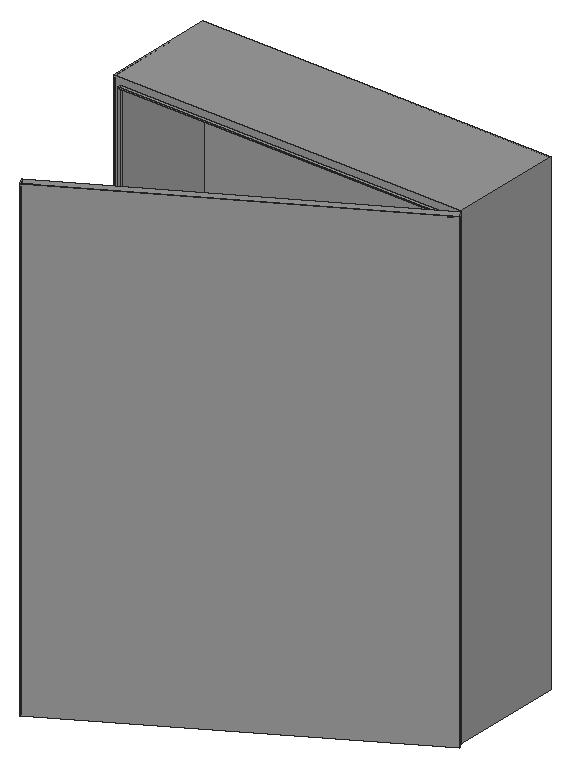
Revit family "Hager-Univers-IP55-D275-H1100-Cl.II-Steel_encl-NoHosted-ES-es", category Electrical Equipment, Revit 2020
Family settings
  Panel Configuration = Two Columns, Circuits Across
  Round Connector Dimension = Use Diameter
  Part Type = Panelboard
  Work Plane-Based = Yes
  Always vertical = Yes
  Cut with Voids When Loaded = No
  Shared = No
  Room Calculation Point = No
Parameters (values of type "Montado superficial (escayola) IP55 A800 A1100 P275  - FR73S")
  Width Control [instance] = if([EF000008 - Anchura] > Min Width, [EF000008 - Anchura], Min Width)  # 800 mm
  Type Comments = [HG000003 - Gama]  # "Univers"
  Thickness Door [instance] = if([EF009171 - Espesor puerta/tapa] > 3 mm, 3 mm, [EF009171 - Espesor puerta/tapa])  # 1.5 mm
  Seal Frame Offset [instance] = 17 mm  # constant formula
  Plinth Visibility [instance] = [HG000027 - Altura de zócalo] > 0 mm  # no
  Min Width [instance] = 100 mm  # constant formula
  Min Depth [instance] = (2 * [EF009170 - Espesor del material de la caja]) + 1 mm  # 4 mm
  Min Height [instance] = 100 mm  # constant formula
  Internal Frame Depth [instance] = (Door System Depth * 0.5)  # 9 mm
  Panel Name [instance] = ""  # (empty or 0)
  Model = ""
  HG000027 - Altura de zócalo = 0 mm
  HG000026 - Instalación en suelo = no
  HG000024 - Altura de la sección inferior = 600 mm
  HG000023 - Caja de doble sección = no
  HG000016 - Visibilidad de la puerta 3D [instance] = yes
  HG000015 - Visibilidad a través de la puerta [instance] = no
  HG000014 - Puerta a la derecha [instance] = yes
  HG000013 - Puerta a la izquierda [instance] = not([HG000014 - Puerta a la derecha])  # no
  HG000012 - Ángulo de giro de la puerta [instance] = 30.00°
  HG000010 - Puertas asimétricas = no
  HG000009 - Puerta batiente doble = no
  HG000006 - Empotrado = no
  HG000004 - Referencia del fabricante = "FR73S"
  HG000003 - Gama = "Univers"
  HG000002 - Con puerta o tapa = yes
  Frame Offset Bottom [instance] = 10 mm  # constant formula
  Frame Offset [instance] = 15 mm  # constant formula
  EF015940 - Tapa con alivio de sobrepresión = no
  EF011959 - Grado de protección (NEMA) = ""
  EF009554 - Número de aberturas para placas-brida = 6
  EF009212 - Versión de la cubierta = "EV000116 - Cerrado"
  EF009171 - Espesor puerta/tapa = 1.5 mm
  EF009170 - Espesor del material de la caja = 1.5 mm
  EF008873 - Corriente nominal (In) = 800 A
  EF007800 - Adecuado para la protección contra rayos = no
  EF006306 - Con cierre = no
  EF006244 - Tapa/puerta transparente = no
  EF005474 - Grado de protección (IP) = "EV006420 - IP55"
  EF004464 - Tipo de puerta = "EV002646 - Único"
  EF004427 - Número de módulos = 252
  EF004293 - Resistencia al impacto (IK) = "EV008784 - IK10"
  EF003532 - Adecuado para uso en exteriores = no
  EF002950 - Anchura de unidades de división = 24
  EF001613 - Integridad del circuito = "EV000494 - Ninguno"
  EF001596 - Material de la carcasa = "EV000179 - Acero"
  EF001131 - Profundidad interna = 275 mm
  EF001088 - Posibilidad de extensión = yes
  EF000437 - Número de entradas de conductos de cables = 6
  EF000339 - Tipo de cubierta = "EV004216 - Puerta"
  EF000266 - Número de filas = 7
  EF000218 - Profundidad de instalación = 0 mm
  EF000118 - Con placa de montaje = no
  EF000116 - Número RAL = "7035"
  EF000049 - Profundidad = 275 mm
  EF000040 - Altura = 1100 mm
  EF000008 - Anchura = 800 mm
  EF000007 - Color = "EV000270 - Gris"
  EF000003 - Tipo de montaje = "EV000384 - Montado superficial (escayola)"
  Door System Leaf Tolerance [instance] = 1.5 mm  # constant formula
  Door System Depth [instance] = 18 mm  # constant formula
  Door Height [instance] = Height Control - [HG000027 - Altura de zócalo]  # 1100 mm
  Description = ""
  Default Elevation = 1219.2 mm
  Connector Offset [instance] = Height Control / 2  # 550 mm
  Manufacturer = "Hager"  # constant formula
  Height Control [instance] = if([EF000040 - Altura] > Min Height, [EF000040 - Altura], Min Height)  # 1100 mm
  Depth Control [instance] = if([EF000049 - Profundidad] > Min Depth, [EF000049 - Profundidad], Min Depth)  # 275 mm
  Bottom Top Plate Trim [instance] = 1.5 mm  # constant formula
  Plinth height Ctrl [instance] = if([HG000027 - Altura de zócalo] > 0 mm, [HG000027 - Altura de zócalo], 12 mm)  # 12 mm
Types (5, lengths in mm): name | Width Control | HG000010 - Puertas asimétricas | HG000009 - Puerta batiente doble | HG000004 - Referencia del fabricante | EF009554 - Número de aberturas para placas-brida | EF004464 - Tipo de puerta | EF004427 - Número de módulos | EF000437 - Número de entradas de conductos de cables | EF000008 - Anchura
  Montado superficial (escayola) IP55 A1050 A1100 P275  - FR74S | 1050 | no | yes | "FR74S" | 8 | "EV003602 - Doble" | 336 | 8 | 1050
  Montado superficial (escayola) IP55 A1300 A1100 P275  - FR75S | 1300 | yes | yes | "FR75S" | 10 | "EV003602 - Doble" | 420 | 10 | 1300
  Montado superficial (escayola) IP55 A300 A1100 P275  - FR71S | 300 | no | no | "FR71S" | 2 | "EV002646 - Único" | 84 | 2 | 300
  Montado superficial (escayola) IP55 A550 A1100 P275  - FR72S | 550 | no | no | "FR72S" | 4 | "EV002646 - Único" | 168 | 4 | 550
  Montado superficial (escayola) IP55 A800 A1100 P275  - FR73S | 800 | no | no | "FR73S" | 6 | "EV002646 - Único" | 252 | 6 | 800
Reference planes
  plane 1 "Center (Front/Back)": y = 0
  plane 2: z = 0
  plane 3 "Center (Left/Right)": x = 0
  plane 4: y = 0
  plane 5: y = 0
  plane 6: z = 0
  plane 7: x = -400
  plane 8: x = 400
  plane 9: x = 398.5
  plane 10: x = -398.5
  plane 11: z = 0
  plane 12: z = 1.5
  plane 13: y = -275
  plane 14: y = -1.5
  plane 15: x = 0
  plane 16: y = -257
  plane 17: y = -273.5
  plane 18: y = -255.5
  plane 19: x = -383.5
  plane 20: x = 383.5
  plane 21: z = 11.5
  plane 22: x = -383
  plane 23: x = 383
  plane 24: z = 0
  plane 25: z = 1100
  plane 26: z = 1100
  plane 27: z = 1083.5
  plane 28: z = 1098.5
Forms (mm)
  Extrusion 1, solid, material "Hager_Steel_RAL7035_Light_Grey", detail levels medium+fine
    sketch origin (-208.679, -4572, 0) x (-1, 0, 0) y (0, -1, 0)
      loop
        line (191.321, -4315) -> (-608.679, -4315) -> (-608.679, -4572) -> (191.321, -4572) -> (191.321, -4315)
    from 0 to 1100
  Extrusion 2, void
    sketch origin (-350.771, -275, 1219.2) x (1, 0, 0) y (0, 0, 1)
      loop
        line (-47.729, -120.7) -> (-47.729, -1217.7) -> (749.271, -1217.7) -> (749.271, -120.7) -> (-47.729, -120.7)
    from -19.5 to -273.5
  Extrusion 3, void
    sketch origin (-290.084, -257, 1219.2) x (1, 0, 0) y (0, 0, 1)
      loop
        line (-93.416, -1207.7) -> (673.584, -1207.7) -> (673.584, -135.7) -> (-93.416, -135.7) -> (-93.416, -1207.7)
    from 0 to -1.5
  Extrusion 4, solid, material "Hager_Steel_RAL7035_Light_Grey", visible <- "Plinth Visibility", detail levels medium+fine
    sketch origin (0, 0, 0) x (1, 0, 0) y (0, 1, 0)
      loop
        line (-400, 0) -> (-400, -257) -> (400, -257) -> (400, 0) -> (-400, 0)
    from 0 to 12 <- "Plinth height Ctrl"
  Extrusion 5, solid, material "Hager_Steel_RAL7035_Light_Grey", detail levels coarse
    sketch origin (0, 0, 0) x (1, 0, 0) y (0, 1, 0)
      loop
        line (-400, 0) -> (-400, -275) -> (400, -275) -> (400, 0) -> (-400, 0)
    from 0 to 1100 <- "Height Control"
  Sweep 6, void
    path in 3D
      loop
        line (-400, -257, 12) -> (400, -257, 12) -> (400, 0, 12) -> (-400, 0, 12) -> (-400, -257, 12)
    profile origin (-400, -128.5, 12) x (1, 0, 0) y (0, 0, 1)
      loop
        line (0, 0) -> (0, -1.5) -> (1.5, -1.5)
        arc (1.5, -1.5) -> (1.061, -0.439) -> (0, 0) r 1.5
  Extrusion 7, solid, material "Hager_Steel_RAL7035_Light_Grey", detail levels fine
    sketch origin (-400, -257, 0) x (1, 0, 0) y (0, 0, 1)
      loop
        line (16.5, 11.5) -> (783.5, 11.5) -> (783.5, 1083.5) -> (16.5, 1083.5) -> (16.5, 11.5)
      loop
        line (15, 10) -> (785, 10) -> (785, 1085) -> (15, 1085) -> (15, 10)
    from 0 to 9 <- "Internal Frame Depth"
Cuts and joins
  Extrusion 2, Extrusion 3 cuts Extrusion 1
  Sweep 6 cuts Extrusion 4
Lines and regions (mm)
  Masking region 1
    outline origin (0, 0, 0) x (1, 0, 0) y (0, 1, 0)
      loop
        line (-400, 0) -> (-400, -275) -> (400, -275) -> (400, 0) -> (-400, 0)
  Masking region 2, detail levels coarse
    outline origin (-290.084, -257, 1219.2) x (-1, 0, 0) y (0, 0, 1)
      loop
        line (-690.084, -1219.2) -> (109.916, -1219.2) -> (109.916, -119.2) -> (-690.084, -119.2) -> (-690.084, -1219.2)
  Masking region 3, detail levels coarse
    outline origin (0, 0, 0) x (0, 1, 0) y (0, 0, 1)
      loop
        line (0, 0) -> (0, 1100) -> (-275, 1100) -> (-275, 0) -> (0, 0)
  Masking region 4, visible <- "Plinth Visibility", detail levels medium+fine
    outline origin (0, 0, 0) x (0, 1, 0) y (0, 0, 1)
      loop
        line (-1.5, 12) -> (-255.5, 12)
        arc (-255.5, 12) -> (-255.939, 10.939) -> (-257, 10.5) r 1.5
        line (-257, 10.5) -> (-257, 0) -> (0, 0) -> (0, 10.5)
        arc (0, 10.5) -> (-1.061, 10.939) -> (-1.5, 12) r 1.5
  Masking region 5, detail levels medium+fine
    outline origin (0, 0, 594.038) x (0, 1, 0) y (0, 0, 1)
      loop
        line (0, -594.038) -> (0, 505.962) -> (-257, 505.962) -> (-257, -594.038) -> (0, -594.038)
  Masking region 6, detail levels medium+fine
    outline origin (-359.7, -257, 1211.883) x (-1, 0, 0) y (0, 0, 1)
      loop
        line (-759.7, -1211.883) -> (40.3, -1211.883) -> (40.3, -111.883) -> (-759.7, -111.883) -> (-759.7, -1211.883)
  Masking region 7, visible <- "Plinth Visibility", detail levels medium+fine
    outline origin (-320.334, -257, 1041.368) x (-1, 0, 0) y (0, 0, 1)
      loop
        line (-720.334, -1041.368) -> (79.666, -1041.368) -> (79.666, -1030.868)
        arc (79.666, -1030.868) -> (78.606, -1030.429) -> (78.166, -1029.368) r 1.5
        line (78.166, -1029.368) -> (-718.834, -1029.368)
        arc (-718.834, -1029.368) -> (-719.273, -1030.429) -> (-720.334, -1030.868) r 1.5
        line (-720.334, -1030.868) -> (-720.334, -1041.368)
  sketch lines
    curve 1: line (-400, 0, 12) -> (-400, -257, 12)
    curve 2: line (-400, -257, 12) -> (400, -257, 12)
    curve 3: line (400, 0, 12) -> (-400, 0, 12)
    curve 4: line (400, -257, 12) -> (400, 0, 12)
Dimensions and locks
  locked: plane 1 "Center (Front/Back)" to plane 5
  "EF009170 - Espesor del material de la caja": plane 7 to plane 10
  "EF009170 - Espesor del material de la caja": plane 8 to plane 9
  equal spacing: plane 7, plane 3 "Center (Left/Right)", plane 8
  "Width Control": plane 7 to plane 8
  "Depth Control": plane 4 to plane 13
  "EF009170 - Espesor del material de la caja": plane 4 to plane 14
  "Height Control": plane 25 to level
  "HG000027 - Altura de zócalo": plane 11 to level
  "EF009170 - Espesor del material de la caja": plane 12 to plane 11
  "EF009170 - Espesor del material de la caja": plane 17 to plane 13
  "EF009170 - Espesor del material de la caja": plane 18 to plane 16
  "Frame Offset Bottom": plane 21 to plane 12
  "Frame Offset": plane 10 to plane 19
  "Frame Offset": plane 9 to plane 20
  "Door System Depth": plane 16 to plane 13
  "Seal Frame Offset": plane 7 to plane 22
  "Seal Frame Offset": plane 8 to plane 23
  "EF009170 - Espesor del material de la caja": plane 26 to plane 28
  "Frame Offset": plane 28 to plane 27
  "Connector Offset": plane 2 to connector elem
  "Bottom Top Plate Trim": profile plane to Sweep 6 sketch curve
  "Bottom Top Plate Trim": Sweep 6 sketch curve to Sweep 6 sketch curve
  "Plinth height Ctrl": Masking region 4 sketch curve to level
  "Plinth height Ctrl": Masking region 7 sketch curve to level
  "Thickness Door": Extrusion 7 sketch curve to Extrusion 7 sketch curve  (x4)
  "Bottom Top Plate Trim": radius of Sweep 6 sketch curve
  "Bottom Top Plate Trim": radius of Masking region 4 sketch curve  (x2)
  "Bottom Top Plate Trim": radius of Masking region 7 sketch curve  (x2)
  aligned and locked: Extrusion 2 sketch curve to plane 12
  aligned and locked: Extrusion 2 sketch curve to plane 9
  aligned and locked: Extrusion 2 sketch curve to plane 10
  aligned and locked: Extrusion 2 to plane 14
  aligned and locked: Extrusion 1 sketch curve to plane 4
  aligned and locked: plane 8 to Extrusion 1 sketch curve
  aligned and locked: plane 7 to Extrusion 1 sketch curve
  aligned and locked: Extrusion 2 to plane 18
  aligned and locked: Extrusion 3 sketch curve to plane 19
  aligned and locked: plane 20 to Extrusion 3 sketch curve
  aligned and locked: Extrusion 3 to Extrusion 2
  aligned and locked: Extrusion 3 sketch curve to plane 21
  aligned and locked: plane 3 "Center (Left/Right)" to nested 1
  aligned and locked: Extrusion 1 sketch curve to plane 16
  aligned and locked: Extrusion 4 sketch curve to cut or joined group of Extrusion 1, Extrusion 2, Extrusion 3
  aligned and locked: Masking region 1 sketch curve to plane 7
  aligned and locked: Masking region 1 sketch curve to plane 5
  aligned and locked: Masking region 1 sketch curve to plane 8
  aligned and locked: Masking region 2 sketch curve to level
  aligned and locked: level to Masking region 3 sketch curve
  aligned and locked: plane 1 "Center (Front/Back)" to Masking region 3 sketch curve
  aligned and locked: plane 13 to Masking region 3 sketch curve
  aligned and locked: plane 5 to Masking region 4 sketch curve
  aligned and locked: Masking region 2 sketch curve to plane 8
  aligned and locked: Masking region 2 sketch curve to plane 7
  aligned and locked: plane 7 to nested 2
  aligned and locked: nested 2 to plane 5
  aligned and locked: plane 5 to Masking region 5 sketch curve
  aligned and locked: plane 26 to Masking region 5 sketch curve
  aligned and locked: Extrusion 5 sketch curve to plane 8
  aligned and locked: Extrusion 5 sketch curve to plane 7
  aligned and locked: Extrusion 5 sketch curve to plane 5
  aligned and locked: Extrusion 3 sketch curve to plane 27
  aligned and locked: Extrusion 2 sketch curve to plane 28
  aligned and locked: Masking region 2 to plane 25
  aligned and locked: Extrusion 4 to plane 16
  aligned and locked: profile plane to Sweep 6 sketch curve
  aligned and locked: Masking region 5 sketch curve to plane 24
  aligned and locked: level to Masking region 4 sketch curve
  aligned and locked: Masking region 1 to plane 13
  aligned and locked: nested 1 to plane 16
  aligned and locked: Masking region 3 to plane 25
  aligned and locked: plane 16 to Masking region 4 sketch curve
  aligned and locked: Masking region 5 sketch curve to plane 16
  aligned and locked: plane 24 to plane 11
  aligned and locked: plane 26 to plane 25
  aligned and locked: plane 26 to cut or joined group of Extrusion 1, Extrusion 2, Extrusion 3
  aligned and locked: nested 1 to plane 24
  aligned and locked: Extrusion 1 to Extrusion 3
  aligned and locked: Masking region 6 sketch curve to plane 8
  aligned and locked: Masking region 6 sketch curve to plane 24
  aligned and locked: Masking region 6 sketch curve to plane 7
  aligned and locked: Masking region 6 sketch curve to plane 26
  aligned and locked: Masking region 7 sketch curve to plane 7
  aligned and locked: level to Masking region 7 sketch curve
  aligned and locked: Masking region 7 sketch curve to plane 8
  aligned and locked: Extrusion 7 sketch curve to cut or joined group of Extrusion 1, Extrusion 2, Extrusion 3  (x4)
Automatic sketch dimensions
  plane 19 to Extrusion 3 sketch curve = 0 mm
  Extrusion 3 sketch curve to plane 20 = 0 mm
  Extrusion 3 sketch curve to plane 21 = 0 mm
  Extrusion 4 sketch curve to plane 7 = 0 mm
  Extrusion 4 sketch curve to plane 8 = 0 mm
  Extrusion 4 sketch curve to plane 16 = 0 mm
  Masking region 1 sketch curve to plane 13 = 0 mm
  Masking region 2 sketch curve to plane 25 = 0 mm
  Masking region 3 sketch curve to plane 25 = 0 mm
  Extrusion 5 sketch curve to plane 13 = 0 mm
  profile plane to Sweep 6 sketch curve = 0 mm
Nested families
  nested 1: "EC000058_Univers_Door" at (0, -257, 0), Double <- "HG000009 - Puerta batiente doble", Transparent <- "EF006244 - Tapa/puerta transparente", Angle <- "HG000012 - Ángulo de giro de la puerta", Door_Right <- "HG000014 - Puerta a la derecha", Assymetrical <- "HG000010 - Puertas asimétricas", Door <- "HG000002 - Con puerta o tapa", Width_Ctrl <- "Width Control", 3d_Door <- "HG000016 - Visibilidad de la puerta 3D", Clearance <- "HG000015 - Visibilidad a través de la puerta", Door_Left <- "HG000013 - Puerta a la izquierda", Width <- "Width Control", Door_Depth <- "Door System Depth", Leaf_Tolerance <- "Door System Leaf Tolerance", Height <- "Door Height", Lock_Visibility <- "EF006306 - Con cierre", Thickness <- "Thickness Door", type "EC000058_Univers_Door", detail levels medium+fine
    with min_wh 4 mm, Width_Ctrl 800 mm, Width 800 mm, Transparent no, Thickness 1.5 mm, Seal_Material Hager_Rubber, Lock_Visibility no, Lock_Material Hager_Plastic_RAL9005_Jet_Black, Leaf_Width 800 mm, Leaf_Tolerance_External_Sides 0 mm, Leaf_Tolerance 1.5 mm, Leaf_Offset 0 mm, Leaf_Height 1097 mm, Leaf_2_Width 800 mm, Leaf_2_Offset 400 mm, Leaf_1_Width 800 mm, Leaf_1_Offset 400 mm, Height_Ctrl 1100 mm, Height 1100 mm, Glass_Material Hager_Glass, Double_Clearance_Ctrl no, Double no, Door_Right_Ctrl yes, Door_Right yes, Door_Material Hager_Steel_RAL7035_Light_Grey, Door_Left_Ctrl no, Door_Left no, Door_Depth 18 mm, Door yes, Clearance_Material Hager_Clearance, Clearance_Depth 800 mm, Clearance_Ctrl no, Clearance no, Assymetrical no, Angle 30.00°, 3d_Door yes
  nested 2: "Hager_Enclosure_Symbol" at (-400, 0, 0), Height <- "Depth Control", Width <- "Width Control", type "Hager_Enclosure_Symbol"
    with Width_Ctrl 800 mm, Width 800 mm, Height_Ctrl 275 mm, Height 275 mm, A_Width_Int 18.047 mm, A_Width 216.562 mm, A_Height_Ctrl 240.625 mm, A_Height 240.625 mm
Connectors
  electrical at (0, 0, 550)
    settings: on plane 1 "Center (Front/Back)", index 1, voltage 0 V, apparent load 0 VA, apparent load phase1 0 VA, apparent load phase2 0 VA, apparent load phase3 0 VA, power factor 1, load classification "Other", number of poles 1, system type 30, power factor state 1, is connector primary yes, connector utility no, sub classification motor no, connector description ""
Definition of nested family "EC000058_Univers_Door"
  Parameters (values of type "EC000058_Univers_Door")
    min_wh [instance] = (2 * Thickness) + 1 mm  # 11 mm
    Width_Ctrl [instance] = 400 mm
    Width [instance] = 500 mm
    Transparent [instance] = yes
    Thickness [instance] = 5 mm
    Seal_Material [instance] = none
    Lock_Visibility [instance] = yes
    Lock_Material [instance] = none
    Leaf_Width [instance] = if((Width_Ctrl - 2 * Leaf_Tolerance_External_Sides) > 0 mm, (Width_Ctrl - 2 * Leaf_Tolerance_External_Sides), min_wh)  # 400 mm
    Leaf_Tolerance_External_Sides [instance] = 0 mm  # constant formula
    Leaf_Tolerance [instance] = 1.5 mm
    Leaf_Offset [instance] = 0 mm  # constant formula
    Leaf_Height [instance] = if((Height_Ctrl - 2 * Leaf_Tolerance) > 0 mm, (Height_Ctrl - 2 * Leaf_Tolerance), min_wh)  # 497 mm
    Leaf_2_Width [instance] = if(and(and(Double, Assymetrical), Door_Left), (Leaf_Width / 3) - (Leaf_Tolerance / 2), if(and(and(Double, Assymetrical), Door_Right), (Leaf_Width / 3) * 2 - (Leaf_Tolerance / 2), if(and(Double, not(Assymetrical)), (Leaf_Width / 2) - Leaf_Tolerance, Leaf_Width)))  # 400 mm
    Leaf_2_Offset [instance] = if(and(Double, Assymetrical), Leaf_2_Width / 2, if(and(Double, not(Assymetrical)), Leaf_Width / 4, Leaf_Width / 2))  # 200 mm
    Leaf_1_Width [instance] = if(and(and(Double, Assymetrical), Door_Right), (Leaf_Width / 3) - (Leaf_Tolerance / 2), if(and(and(Double, Assymetrical), Door_Left), (Width / 3) * 2 - (Leaf_Tolerance / 2), if(and(Double, not(Assymetrical)), (Leaf_Width / 2) - Leaf_Tolerance, Leaf_Width)))  # 400 mm
    Leaf_1_Offset [instance] = if(and(Double, Assymetrical), Leaf_1_Width / 2, if(and(Double, not(Assymetrical)), Leaf_Width / 4, Leaf_Width / 2))  # 200 mm
    Height_Ctrl [instance] = if(Height > min_wh, Height, min_wh)  # 500 mm
    Height [instance] = 500 mm
    Glass_Material [instance] = none
    Double_Clearance_Ctrl [instance] = and(Double, Clearance)  # no
    Double [instance] = no
    Door_Right_Ctrl [instance] = and(or(Door_Right, Double), Door)  # yes
    Door_Right [instance] = yes
    Door_Material [instance] = none
    Door_Left_Ctrl [instance] = and(or(Door_Left, Double), Door)  # no
    Door_Left [instance] = no
    Door_Depth [instance] = 30 mm
    Door [instance] = yes
    Default Elevation = 1219.2 mm
    Clearance_Material [instance] = none
    Clearance_Depth [instance] = if(Leaf_1_Width > Leaf_2_Width, Leaf_1_Width, Leaf_2_Width)  # 400 mm
    Clearance_Ctrl [instance] = and(not(Double), Clearance)  # yes
    Clearance [instance] = yes
    Assymetrical [instance] = yes
    Angle [instance] = 30.00°
    3d_Door [instance] = yes
  Reference planes
    plane 1 "Center (Front/Back)": y = 0
    plane 2 "Bottom": z = 0
    plane 3 "Center (Left/Right)": x = 0
    plane 4: z = 500
    plane 5: x = -200
    plane 6: x = 200
    plane 7: z = 500
    plane 8: x = -200
    plane 9: z = 0
    plane 10: x = 200
    plane 11: y = 0
    plane 12: z = 1.5
    plane 13: x = -600
    plane 14: y = -400
    plane 15: x = 600
    plane 16: x = 0
    plane 17: x = 0
    plane 18: x = -200
    plane 19: x = 200
    plane 20: z = 498.5
  Forms (mm)
    Extrusion 1, solid, material <- "Clearance_Material", visible <- "Double_Clearance_Ctrl"
      sketch origin (1200, 0, 0) x (1, 0, 0) y (0, 0, -1)
        loop
          line (-1800, -498.5) -> (-600, -498.5) -> (-600, 0) -> (-1800, 0) -> (-1800, -498.5)
      from 0 to -400
  Dimensions and locks
    equal spacing: plane 5, plane 3 "Center (Left/Right)", plane 6
    "Width_Ctrl": plane 5 to plane 6
    "Leaf_Offset": plane 5 to plane 8
    "Leaf_Offset": plane 6 to plane 10
    "Leaf_Offset": plane 9 to level
    "Leaf_Offset": plane 4 to plane 7
    "Height_Ctrl": plane 4 to level
    "Leaf_Tolerance": plane 12 to plane 9
    locked: plane 11 to plane 1 "Center (Front/Back)"
    "Leaf_1_Offset": plane 18 to plane 16
    "Leaf_2_Offset": plane 17 to plane 19
    "Leaf_1_Width": plane 13 to plane 8
    "Leaf_2_Width": plane 10 to plane 15
    "Clearance_Depth": plane 14 to plane 1 "Center (Front/Back)"
    "Leaf_Tolerance_External_Sides": plane 8 to plane 18
    "Leaf_Tolerance_External_Sides": plane 19 to plane 10
    "Leaf_Tolerance": plane 7 to plane 20
    aligned and locked: level to plane 2 "Bottom"
    aligned and locked: nested 1 to plane 16
    aligned and locked: nested 2 to plane 17
    aligned and locked: Extrusion 1 to plane 13
    aligned and locked: plane 15 to Extrusion 1
    aligned and locked: Extrusion 1 to plane 14
    aligned and locked: plane 12 to nested 1
    aligned and locked: nested 2 to plane 12
    aligned and locked: Extrusion 1 to plane 11
    aligned and locked: plane 20 to Extrusion 1
    aligned and locked: nested 2 to plane 11
    aligned and locked: nested 1 to plane 11
  Automatic sketch dimensions
    Extrusion 1 sketch curve to level = 0 mm
    plane 5 to Extrusion 1 sketch curve = 400 mm
    plane 6 to Extrusion 1 sketch curve = 400 mm
    Extrusion 1 sketch curve to plane 4 = 1.5 mm
  Nested families
    nested 1: "EC000058_Univers_Door_Leaf" at (0, 0, 1.5), Width <- "Leaf_1_Width", visible <- "Door_Left_Ctrl", Leaf_Height <- "Leaf_Height", Angle <- "Angle", 3d_Door <- "3d_Door", Transparent <- "Transparent", Clearance Material <- "Clearance_Material", Clearance <- "Clearance_Ctrl", Door_Material <- "Door_Material", Glass_Material <- "Glass_Material", Door_Depth <- "Door_Depth", Lock_Material <- "Lock_Material", Seal_Material <- "Seal_Material", Lock_Visibility <- "Lock_Visibility", Thickness <- "Thickness", type "EC000058_Univers_Door_Leaf"
      with Width 400 mm, Transparent_Glass_Offset 30 mm, Transparent_Ctrl yes, Transparent yes, Thickness 5 mm, Standard no, Seal_Material none, Seal_D2 8 mm, Seal_D1 1 mm, Offset_Internal_Frame 10 mm, Lock_Width 20 mm, Lock_Visibility_3d yes, Lock_Visibility yes, Lock_Thickness_3 3 mm, Lock_Thickness_2 1 mm, Lock_Thickness_1 3 mm, Lock_Radius_Offset_2 16 mm, Lock_Radius_Offset_1 15 mm, Lock_Radius_2 5 mm, Lock_Radius 6 mm, Lock_Offset 5 mm, Lock_Material none, Lock_Height 80 mm, Lock_Cover_Top_Offset_2d 17 mm, Lock_Cover_Height -65 mm, Leaf_Height 497 mm, Internal_Seal_Thickness 8 mm, Internal_Seal_Depth_2 4.5 mm, Internal_Frame_Depth 25 mm, Glass_Thickness -1 mm, Glass_Offset -2 mm, Glass_Material none, Door_Material none, Door_Depth 30 mm, Clearance Material none, Clearance yes, Angle_Ctrl 30.00°, Angle 30.00°, 3d_Door yes
    nested 2: "EC000058_Univers_Door_Leaf" at (0, 0, 1.5) x (-1, 0, 0) z (0, 0, 1), Width <- "Leaf_2_Width", visible <- "Door_Right_Ctrl", Leaf_Height <- "Leaf_Height", Angle <- "Angle", 3d_Door <- "3d_Door", Transparent <- "Transparent", Clearance Material <- "Clearance_Material", Clearance <- "Clearance_Ctrl", Door_Material <- "Door_Material", Glass_Material <- "Glass_Material", Door_Depth <- "Door_Depth", Lock_Material <- "Lock_Material", Seal_Material <- "Seal_Material", Lock_Visibility <- "Lock_Visibility", Thickness <- "Thickness", type "EC000058_Univers_Door_Leaf"
      with Width 400 mm, Transparent_Glass_Offset 30 mm, Transparent_Ctrl yes, Transparent yes, Thickness 5 mm, Standard no, Seal_Material none, Seal_D2 8 mm, Seal_D1 1 mm, Offset_Internal_Frame 10 mm, Lock_Width 20 mm, Lock_Visibility_3d yes, Lock_Visibility yes, Lock_Thickness_3 3 mm, Lock_Thickness_2 1 mm, Lock_Thickness_1 3 mm, Lock_Radius_Offset_2 16 mm, Lock_Radius_Offset_1 15 mm, Lock_Radius_2 5 mm, Lock_Radius 6 mm, Lock_Offset 5 mm, Lock_Material none, Lock_Height 80 mm, Lock_Cover_Top_Offset_2d 17 mm, Lock_Cover_Height -65 mm, Leaf_Height 497 mm, Internal_Seal_Thickness 8 mm, Internal_Seal_Depth_2 4.5 mm, Internal_Frame_Depth 25 mm, Glass_Thickness -1 mm, Glass_Offset -2 mm, Glass_Material none, Door_Material none, Door_Depth 30 mm, Clearance Material none, Clearance yes, Angle_Ctrl 30.00°, Angle 30.00°, 3d_Door yes
  Definition of nested family "EC000058_Univers_Door_Leaf"
    Parameters (values of type "EC000058_Univers_Door_Leaf")
      Width [instance] = 2000 mm
      Transparent_Glass_Offset [instance] = 30 mm
      Transparent_Ctrl [instance] = and(Transparent, [3d_Door])  # yes
      Transparent [instance] = yes
      Thickness [instance] = 5 mm
      Standard [instance] = and(not(Transparent), [3d_Door])  # no
      Seal_Material [instance] = none
      Seal_D2 [instance] = 8 mm  # constant formula
      Seal_D1 [instance] = 1 mm  # constant formula
      Offset_Internal_Frame [instance] = 10 mm  # constant formula
      Lock_Width [instance] = 20 mm  # constant formula
      Lock_Visibility_3d [instance] = and(Lock_Visibility, [3d_Door])  # yes
      Lock_Visibility [instance] = yes
      Lock_Thickness_3 [instance] = 3 mm  # constant formula
      Lock_Thickness_2 [instance] = 1 mm  # constant formula
      Lock_Thickness_1 [instance] = 3 mm  # constant formula
      Lock_Radius_Offset_2 [instance] = Lock_Radius_Offset_1 + 1 mm  # 16 mm
      Lock_Radius_Offset_1 [instance] = 15 mm  # constant formula
      Lock_Radius_2 [instance] = Lock_Radius - 1 mm  # 5 mm
      Lock_Radius [instance] = 6 mm  # constant formula
      Lock_Offset [instance] = 5 mm  # constant formula
      Lock_Material [instance] = none
      Lock_Height [instance] = 80 mm  # constant formula
      Lock_Cover_Top_Offset_2d [instance] = Lock_Radius_Offset_2 + 1 mm  # 17 mm
      Lock_Cover_Height [instance] = -(Lock_Height - Lock_Radius_Offset_1)  # -65 mm
      Leaf_Height [instance] = 2720.336 mm
      Internal_Seal_Thickness [instance] = 8 mm  # constant formula
      Internal_Seal_Depth_2 [instance] = 4.5 mm  # constant formula
      Internal_Frame_Depth [instance] = if(Door_Depth - Thickness > 5 mm, Door_Depth - Thickness, 5 mm)  # 25 mm
      Glass_Thickness [instance] = if(Thickness > 15 mm, Glass_Offset + 10 mm, -1 mm)  # -1 mm
      Glass_Offset [instance] = if(Thickness > 15 mm, -(Thickness + 10 mm) / 2, -2 mm)  # -2 mm
      Glass_Material [instance] = none
      Door_Material [instance] = none
      Door_Depth [instance] = 30 mm
      Default Elevation = 0 mm
      Clearance Material [instance] = none
      Clearance [instance] = yes
      Angle_Ctrl [instance] = if(Angle > 180.00°, 180.00°, Angle)  # 90.00°
      Angle [instance] = 90.00°
      3d_Door [instance] = yes
    Reference planes
      plane 1 "Center (Front/Back)": y = 0
      plane 2: z = 0
      plane 3 "Center (Left/Right)": x = 0
      plane 4: y = 2000
      plane 5: x = -1000
      plane 6: x = 1000
      plane 7: x = -3000
      plane 8: z = 2720.336
      plane 9: z = 30
      plane 10: z = 2690.336
      plane 11: x = 970
      plane 12: x = -970
      plane 13: y = -3
      plane 14: z = 107.833
      plane 15: y = -5
      plane 16: y = -223.314
      plane 17: x = -1000
      plane 18: z = 1360.168
      plane 19: y = 30
    Forms (mm)
      Extrusion 1, solid, material <- "Clearance Material", visible <- "Clearance"
        sketch origin (0, 0, 0) x (1, 0, 0) y (0, 0, 1)
          loop
            line (-3000, 2720.336) -> (-3000, 0) -> (1000, 0) -> (1000, 2720.336) -> (-3000, 2720.336)
        from 0 to -2000
      Extrusion 2, solid, material <- "Door_Material", visible <- "Standard", detail levels medium+fine
        sketch origin (-1000, 0, 0) x (0, 1, 0) y (-1, 0, 0)
          loop
            line (0, 30) -> (0, 25) -> (2000, 25) -> (2000, 30) -> (0, 30)
        from 0 to 2720.336 <- "Leaf_Height"
      Extrusion 3, solid, material <- "Door_Material", visible <- "Transparent_Ctrl", detail levels medium+fine
        sketch origin (-1000, 0, 0) x (0, 1, 0) y (-1, 0, 0)
          loop
            line (0, 25) -> (2000, 25) -> (2000, 30) -> (0, 30) -> (0, 25)
        from 0 to 2720.336 <- "Leaf_Height"
      Extrusion 4, void
        sketch origin (-1025, 2000, 0) x (0, 1, 0) y (0, 0, -1)
          loop
            line (-30, -2690.336) -> (-30, -30) -> (-1970, -30) -> (-1970, -2690.336) -> (-30, -2690.336)
        from 0 to 5 <- "Thickness"
      Sweep 5, solid, material <- "Seal_Material", visible <- "Transparent_Ctrl", detail levels fine
        path in 3D
          loop
            line (-1025, 30, 30) -> (-1025, 30, 2690.336) -> (-1025, 1970, 2690.336) -> (-1025, 1970, 30) -> (-1025, 30, 30)
        profile origin (-1025, 1000, 30) x (1, 0, 0) y (0, 0, 1)
          loop
            line (0, 0) -> (0, -8) -> (1, -8) -> (1, 0) -> (0, 0)
      Extrusion 6, solid, material <- "Glass_Material", visible <- "Transparent_Ctrl", detail levels medium+fine
        sketch origin (-1030, 0, 0) x (0, 1, 0) y (0, 0, -1)
          loop
            line (1970, -2690.336) -> (1970, -30) -> (30, -30) -> (30, -2690.336) -> (1970, -2690.336)
        from -2 <- "Glass_Offset" to -1 <- "Glass_Thickness"
      Extrusion 7, solid, material <- "Door_Material", visible <- "3d_Door", detail levels medium+fine
        sketch origin (-1025, 2000, 0) x (0, -1, 0) y (0, 0, -1)
          loop
            line (0, -2720.336) -> (2000, -2720.336) -> (2000, 0) -> (0, 0) -> (0, -2720.336)
          loop
            line (1995, -5) -> (5, -5) -> (5, -2715.336) -> (1995, -2715.336) -> (1995, -5)
        from 0 to 25 <- "Internal_Frame_Depth"
      Sweep 8, solid, material <- "Seal_Material", visible <- "Transparent_Ctrl", detail levels fine
        path in 3D
          loop
            line (-1025, 0, 0) -> (-1025, 2000, 0) -> (-1025, 2000, 2720.336) -> (-1025, 0, 2720.336) -> (-1025, 0, 0)
        profile origin (-1025, 0, 1360.168) x (1, 0, 0) y (0, 1, 0)
          loop
            line (0, 10) -> (2.975, 10)
            arc (2.975, 10) -> (4.053, 10.447) -> (4.5, 11.525) r 1.525
            line (4.5, 11.525) -> (4.5, 16.527)
            arc (4.5, 16.527) -> (4.069, 17.569) -> (3.027, 18) r 1.473
            line (3.027, 18) -> (0, 18) -> (0, 10)
      Extrusion 9, solid, material <- "Lock_Material", visible <- "Lock_Visibility_3d", detail levels fine
        sketch origin (-1030, 0, 0) x (0, 1, 0) y (0, 0, -1)
          loop
            arc (1993.5, -1400.168) -> (1994.561, -1399.729) -> (1995, -1398.668) r 1.5
            line (1995, -1398.668) -> (1995, -1320.168) -> (1975, -1320.168) -> (1975, -1398.668)
            arc (1975, -1398.668) -> (1975.439, -1399.729) -> (1976.5, -1400.168) r 1.5
            line (1976.5, -1400.168) -> (1993.5, -1400.168)
        from 3 <- "Lock_Thickness_1" to 0
      Blend 10, solid, material <- "Lock_Material", visible <- "Lock_Visibility_3d", detail levels fine
        base sketch origin (-1033, 0, 0) x (0, 1, 0) y (0, 0, -1)
          loop
            line (1975, -1320.168) -> (1975, -1398.668)
            arc (1975, -1398.668) -> (1975.439, -1399.729) -> (1976.5, -1400.168) r 1.5
            line (1976.5, -1400.168) -> (1993.5, -1400.168)
            arc (1993.5, -1400.168) -> (1994.561, -1399.729) -> (1995, -1398.668) r 1.5
            line (1995, -1398.668) -> (1995, -1320.168) -> (1975, -1320.168)
        top sketch origin (-1033, 0, 0) x (0, 1, 0) y (0, 0, -1)
          loop
            line (1976, -1320.168) -> (1976, -1398.668)
            arc (1976, -1398.668) -> (1976.146, -1399.022) -> (1976.5, -1399.168) r 0.5
            line (1976.5, -1399.168) -> (1993.5, -1399.168)
            arc (1993.5, -1399.168) -> (1993.854, -1399.022) -> (1994, -1398.668) r 0.5
            line (1994, -1398.668) -> (1994, -1320.168) -> (1976, -1320.168)
        from 0 to 1 <- "Lock_Thickness_2"
      Blend 11, solid, material <- "Lock_Material", visible <- "Lock_Visibility_3d", detail levels fine
        base sketch origin (-1034, 0, 0) x (0, 1, 0) y (0, 0, -1)
          loop
            line (1978, -1320.168) -> (1978, -1384.168)
            arc (1978, -1384.168) -> (1985, -1391.168) -> (1992, -1384.168) r 7
            line (1992, -1384.168) -> (1992, -1320.168) -> (1978, -1320.168)
        top sketch origin (-1034, 0, 0) x (0, 1, 0) y (0, 0, -1)
          loop
            line (1991, -1320.168) -> (1979, -1320.168) -> (1979, -1383.168)
            arc (1979, -1383.168) -> (1985, -1389.168) -> (1991, -1383.168) r 6
            line (1991, -1383.168) -> (1991, -1320.168)
        from 0 to 3 <- "Lock_Thickness_3"
      Extrusion 12, solid, material <- "Lock_Material", visible <- "Lock_Visibility_3d", detail levels fine
        sketch origin (-1030, 1975, 1320.168) x (1, 0, 0) y (0, -1, 0)
          loop
            line (-7, -19) -> (-7, -1) -> (0, -1) -> (0, 0) -> (-8, 0) -> (-8, -20) -> (0, -20) -> (0, -19) -> (-7, -19)
        from 0 to -65 <- "Lock_Cover_Height"
      Extrusion 13, void
        sketch origin (-1038, 1995, 1320.168) x (-1, 0, 0) y (0, 0, -1)
          loop
            line (-5, -65) -> (0, -65) -> (-5, -60) -> (-5, -65)
        from 0 to 20 <- "Lock_Width"
      Extrusion 14, void
        sketch origin (-1038, 1975, 1320.168) x (0, -1, 0) y (0, 0, -1)
          loop
            circle (-10, -15.995) r 6
          loop
            circle (-10, -15.995) r 5
        from 0 to 2
      Extrusion 15, solid, material <- "Lock_Material", visible <- "Lock_Visibility_3d", detail levels medium
        sketch origin (-1030, 0, 0) x (0, 1, 0) y (0, 0, -1)
          loop
            arc (1993.5, -1400.168) -> (1994.561, -1399.729) -> (1995, -1398.668) r 1.5
            line (1995, -1398.668) -> (1995, -1320.168) -> (1975, -1320.168) -> (1975, -1398.668)
            arc (1975, -1398.668) -> (1975.439, -1399.729) -> (1976.5, -1400.168) r 1.5
            line (1976.5, -1400.168) -> (1993.5, -1400.168)
        from 8 to 0
    Cuts and joins
      Extrusion 4 cuts Extrusion 3
      Extrusion 13, Extrusion 14 cuts Extrusion 9
      Extrusion 14 cuts Blend 11
      Extrusion 13, Extrusion 14 cuts Extrusion 12
      joined: Extrusion 9, Blend 10, Blend 11, Extrusion 12
      Extrusion 14 cuts Extrusion 15
    Lines and regions (mm)
      Masking region 1, visible <- "Lock_Visibility", detail levels fine
        outline origin (0, 0, 0) x (0, 1, 0) y (0, 0, 1)
          loop
            line (30, 1320.168) -> (33, 1320.168) -> (33, 1400.168) -> (30, 1400.168) -> (30, 1320.168)
      Masking region 2, visible <- "Lock_Visibility", detail levels fine
        outline origin (0, 3.143, 0) x (0, 1, 0) y (0, 0, 1)
          loop
            line (29.857, 1354.168) -> (30.857, 1354.168) -> (30.857, 1366.168) -> (29.857, 1366.168) -> (29.857, 1354.168)
      Masking region 3, detail levels medium+fine
        outline origin (0, 0, 0) x (0, 1, 0) y (0, 0, 1)
          loop
            line (0, 0) -> (30, 0) -> (30, 2720.336) -> (0, 2720.336) -> (0, 0)
      Masking region 4, detail levels medium+fine
        outline origin (0, 0, 0) x (1, 0, 0) y (0, 0, 1)
          loop
            line (-1000, 2720.336) -> (-1000, 0) -> (1000, 0) -> (1000, 2720.336) -> (-1000, 2720.336)
      Masking region 5, visible <- "Lock_Visibility", detail levels fine
        outline origin (-47.116, 0, 0) x (1, 0, 0) y (0, 0, 1)
          loop
            arc (1024.616, 1399.168) -> (1023.556, 1398.729) -> (1023.116, 1397.668) r 1.5
            line (1023.116, 1397.668) -> (1023.116, 1320.168) -> (1041.116, 1320.168) -> (1041.116, 1397.668)
            arc (1041.116, 1397.668) -> (1040.677, 1398.729) -> (1039.616, 1399.168) r 1.5
            line (1039.616, 1399.168) -> (1024.616, 1399.168)
      Masking region 6, visible <- "Lock_Visibility", detail levels medium+fine
        outline origin (-25, 0, 0) x (1, 0, 0) y (0, 0, 1)
          loop
            arc (1001.5, 1400.168) -> (1000.439, 1399.729) -> (1000, 1398.668) r 1.5
            line (1000, 1398.668) -> (1000, 1320.168) -> (1020, 1320.168) -> (1020, 1398.668)
            arc (1020, 1398.668) -> (1019.561, 1399.729) -> (1018.5, 1400.168) r 1.5
            line (1018.5, 1400.168) -> (1001.5, 1400.168)
      Masking region 7, visible <- "Lock_Visibility", detail levels fine
        outline origin (-73.735, 0, 0) x (1, 0, 0) y (0, 0, 1)
          loop
            line (1051.735, 1382.168) -> (1065.735, 1382.168) -> (1065.735, 1384.168)
            arc (1065.735, 1384.168) -> (1058.735, 1391.168) -> (1051.735, 1384.168) r 7
            line (1051.735, 1384.168) -> (1051.735, 1382.168)
      Masking region 8, visible <- "Lock_Visibility", detail levels fine
        outline origin (-73.735, 0, 0) x (1, 0, 0) y (0, 0, 1)
          loop
            line (1052.735, 1382.168) -> (1064.735, 1382.168) -> (1064.735, 1383.168)
            arc (1064.735, 1383.168) -> (1058.735, 1389.168) -> (1052.735, 1383.168) r 6
            line (1052.735, 1383.168) -> (1052.735, 1382.168)
      Masking region 9, visible <- "Lock_Visibility", detail levels fine
        outline origin (-25, 0, 0) x (1, 0, 0) y (0, 0, 1)
          loop
            line (1020, 1320.168) -> (1020, 1382.168) -> (1000, 1382.168) -> (1000, 1320.168) -> (1020, 1320.168)
      Masking region 10, detail levels medium+fine
        outline origin (0, 0, 0) x (1, 0, 0) y (0, 0, 1)
          loop
            circle (985, 1335.144) r 6
      Masking region 11, detail levels fine
        outline origin (0, 0, 0) x (1, 0, 0) y (0, 0, 1)
          loop
            circle (985, 1335.144) r 5
      Masking region 12, visible <- "Lock_Visibility", detail levels fine
        outline origin (0, 12.767, 0) x (0, 1, 0) y (0, 0, 1)
          loop
            line (20.233, 1320.168) -> (21.233, 1320.168) -> (21.233, 1399.168) -> (20.233, 1400.168) -> (20.233, 1320.168)
      Masking region 13, visible <- "Lock_Visibility", detail levels fine
        outline origin (0, 13.767, -10) x (0, 1, 0) y (0, 0, 1)
          loop
            line (20.233, 1330.168) -> (23.233, 1330.168) -> (23.233, 1399.168) -> (20.233, 1402.168) -> (20.233, 1330.168)
      Masking region 14, visible <- "Lock_Visibility", detail levels fine
        outline origin (0, 12.767, -10) x (0, 1, 0) y (0, 0, 1)
          loop
            line (20.233, 1330.168) -> (25.233, 1330.168) -> (25.233, 1399.305) -> (20.233, 1394.305) -> (20.233, 1330.168)
      Masking region 15, visible <- "Lock_Visibility", detail levels medium
        outline origin (0, 0, 0) x (0, 1, 0) y (0, 0, 1)
          loop
            line (30, 1320.168) -> (38, 1320.168) -> (38, 1400.168) -> (30, 1400.168) -> (30, 1320.168)
      Masking region 16, visible <- "Lock_Visibility", detail levels fine
        outline origin (-1000, 0, 0) x (0, 1, 0) y (-1, 0, 0)
          loop
            line (1975, 30) -> (1995, 30) -> (1995, 38) -> (1975, 38) -> (1975, 30)
          loop
            line (1979, 37) -> (1976, 37) -> (1976, 34) -> (1978, 34) -> (1979, 37)
          loop
            line (1994, 37) -> (1991, 37) -> (1992, 34) -> (1994, 34) -> (1994, 37)
      Masking region 17, visible <- "Lock_Visibility", detail levels medium
        outline origin (-1000, 0, 0) x (0, 1, 0) y (-1, 0, 0)
          loop
            line (1975, 30) -> (1995, 30) -> (1995, 38) -> (1975, 38) -> (1975, 30)
      symbolic lines
        curve 1: line (1000, 0, 0) -> (-3000, 0, 0)
        curve 2: arc (1000, 0, 0) -> (-1000, 2000, 0) -> (-3000, 0, 0) r 2000
        curve 4: line (-1030, 0, 0) -> (-1030, 2000, 0)
      reference lines
        curve 3: line (-1000, 0, 0) -> (-1000, 2000, 0)
      symbolic lines, detail levels medium+fine
        curve 5: line (-1030, 2000, 0) -> (-1025, 2000, 0)
        curve 7: line (-1025, 0, 0) -> (-1030, 0, 0)
        curve 8: line (-1025, 0, 0) -> (-1000, 0, 0)
        curve 9: line (-1000, 0, 0) -> (-1000, 2000, 0)
        curve 10: line (-1000, 2000, 0) -> (-1025, 2000, 0)
      symbolic lines, detail levels fine
        curve 6: line (-1025, 2000, 0) -> (-1025, 0, 0)
      sketch lines
        curve 11: line (-1025, 0, 2720.336) -> (-1025, 0, 0)
        curve 12: line (-1025, 2000, 0) -> (-1025, 0, 0)
        curve 13: line (-1025, 2000, 2720.336) -> (-1025, 2000, 0)
        curve 14: line (-1025, 0, 2720.336) -> (-1025, 2000, 2720.336)
        curve 15: line (-1025, 1970, 30) -> (-1025, 30, 30)
        curve 16: line (-1025, 30, 30) -> (-1025, 30, 2690.336)
        curve 17: line (-1025, 1970, 2690.336) -> (-1025, 1970, 30)
        curve 18: line (-1025, 30, 2690.336) -> (-1025, 1970, 2690.336)
      symbolic lines, visible <- "Transparent", detail levels medium+fine
        curve 19: line (-970, 0, 2690.336) -> (970, 0, 2690.336)
        curve 20: line (-970, 0, 30) -> (-970, 0, 2690.336)
        curve 21: line (970, 0, 30) -> (-970, 0, 30)
        curve 22: line (970, 0, 2690.336) -> (970, 0, 30)
    Dimensions and locks
      "Width": plane 1 "Center (Front/Back)" to plane 4
      equal spacing: plane 5, plane 3 "Center (Left/Right)", plane 6
      "Width": plane 5 to plane 6
      "Width": plane 7 to plane 5
      "Leaf_Height": plane 8 to level
      "Width": curve 5 to curve 3
      "Width": curve 3 to curve 3
      plane 8 to plane 10 = 30 mm
      plane 9 to level = 30 mm
      plane 12 to plane 5 = 30 mm
      plane 6 to plane 11 = 30 mm
      Extrusion 1 to Extrusion 4 sketch curve = 30 mm
      "Transparent_Glass_Offset": curve 3 to Extrusion 4 sketch curve
      "Transparent_Glass_Offset": Extrusion 4 sketch curve to cut or joined group of Extrusion 3, Extrusion 4  (x2)
      cut or joined group of Extrusion 3, Extrusion 4 to Extrusion 6 sketch curve = 30 mm
      "Transparent_Glass_Offset": cut or joined group of Extrusion 3, Extrusion 4 to Extrusion 4 sketch curve
      "Thickness": curve 6 to curve 4
      "Thickness": Extrusion 7 sketch curve to Extrusion 7 sketch curve  (x4)
      "Door_Depth": curve 4 to curve 3
      "Offset_Internal_Frame": profile plane to Sweep 8 sketch curve
      "Internal_Seal_Thickness": Sweep 8 sketch curve to Sweep 8 sketch curve
      "Internal_Seal_Depth_2": profile plane to Sweep 8 sketch curve
      "Seal_D1": profile plane to Sweep 5 sketch curve
      "Seal_D2": profile plane to Sweep 5 sketch curve
      "Thickness": Extrusion 2 sketch curve to Extrusion 2 sketch curve
      equal spacing: Extrusion 9 sketch curve, plane 18, Extrusion 9 sketch curve  (x2)
      equal spacing: Masking region 1 sketch curve, plane 18, Masking region 1 sketch curve
      "Lock_Height": Masking region 1 sketch curve to Masking region 1 sketch curve
      "Lock_Radius": Masking region 2 sketch curve to plane 18 to Masking region 2 sketch curve
      Masking region 2 sketch curve to Masking region 1 = 1 mm
      "Door_Depth": plane 19 to plane 1 "Center (Front/Back)"
      "Lock_Thickness_1": Masking region 1 sketch curve to plane 19
      "Lock_Width": Extrusion 9 sketch curve to Extrusion 9 sketch curve
      "Lock_Height": Extrusion 9 sketch curve to Extrusion 9 sketch curve
      "Lock_Offset": cut or joined group of Extrusion 3, Extrusion 4 to Extrusion 9 sketch curve
      equal spacing: plane 8, plane 18, level
      "Lock_Radius_Offset_1": Blend 11 sketch curve to Blend 10
      locked: Blend 10 to Blend 11 sketch curve at 2  (x2)
      locked: var sketch to Blend 11 sketch curve at 1  (x2)
      "Lock_Radius_Offset_2": Blend 11 sketch curve to Blend 10
      locked: Extrusion 12 sketch curve to Extrusion 12 sketch curve at 1  (x3)
      Masking region 6 sketch curve to Masking region 6 sketch curve = 80 mm
      "Lock_Height": Masking region 6 sketch curve to Masking region 6 sketch curve
      "Lock_Width": Masking region 6 sketch curve to Masking region 6 sketch curve
      locked: Masking region 6 to Masking region 5 sketch curve at 1  (x3)
      locked: Masking region 5 to Masking region 7 sketch curve at 2  (x2)
      "Lock_Radius_Offset_1": Masking region 5 to Masking region 7 sketch curve
      "Lock_Radius_Offset_2": Masking region 5 to Masking region 8 sketch curve
      locked: Masking region 7 to Masking region 8 sketch curve at 1  (x2)
      "Lock_Cover_Top_Offset_2d": Masking region 5 to Masking region 9 sketch curve
      equal spacing: Masking region 9, Masking region 10 sketch curve, Masking region 9
      equal spacing: Masking region 9, Masking region 11 sketch curve, Masking region 9
      Extrusion 15 sketch curve to Extrusion 15 sketch curve = 80 mm
      "Lock_Width": Extrusion 15 sketch curve to Extrusion 15 sketch curve
      "Lock_Height": Extrusion 15 sketch curve to Extrusion 15 sketch curve
      equal spacing: Extrusion 15 sketch curve, plane 18, Extrusion 15 sketch curve
      "Lock_Thickness_3": Masking region 13 sketch curve to Masking region 13 sketch curve
      "Lock_Height": Masking region 12 sketch curve to Masking region 12 sketch curve
      locked: Masking region 13 sketch curve to Masking region 1 at 8
      locked: Masking region 14 sketch curve to Masking region 13 at 1
      locked: Masking region 14 sketch curve to Masking region 1 at 10.863
      "Lock_Height": Masking region 15 sketch curve to Masking region 15 sketch curve
      "Lock_Offset": Extrusion 15 sketch curve to cut or joined group of Extrusion 3, Extrusion 4
      "Lock_Offset": plane 6 to Masking region 6 sketch curve
      radius of Sweep 8 sketch curve = 1.525 mm
      radius of Sweep 8 sketch curve = 1.473 mm
      radius of Extrusion 9 sketch curve = 1.5 mm  (x2)
      "Lock_Radius": radius of Extrusion 14 sketch curve
      "Lock_Radius_2": radius of Extrusion 14 sketch curve
      "Lock_Radius": radius of Masking region 10 sketch curve
      "Lock_Radius_2": radius of Masking region 11 sketch curve
      radius of Extrusion 15 sketch curve = 1.5 mm  (x2)
      "Angle_Ctrl": angle plane 1 "Center (Front/Back)" to curve 3
      locked: Masking region 12 sketch curve to Masking region 12 sketch curve (angle 45.00°)
      locked: Masking region 13 sketch curve to Masking region 13 sketch curve (angle 45.00°)
      locked: Masking region 14 sketch curve to Masking region 14 sketch curve (angle 45.00°)
      aligned and locked: level to plane 2
      aligned and locked: Extrusion 1 to curve 1
      aligned and locked: plane 6 to Extrusion 1
      aligned and locked: Extrusion 1 to plane 1 "Center (Front/Back)"
      aligned and locked: plane 4 to Extrusion 1
      aligned and locked: plane 8 to Extrusion 1
      aligned and locked: curve 7 to Extrusion 2 sketch curve
      aligned and locked: curve 5 to Extrusion 2 sketch curve
      aligned and locked: curve 7 to Extrusion 3 sketch curve
      aligned and locked: Extrusion 3 sketch curve to curve 4
      aligned and locked: Extrusion 3 sketch curve to curve 6
      aligned and locked: Extrusion 3 sketch curve to curve 5
      aligned and locked: curve 9 to curve 3
      aligned and locked: Extrusion 7 sketch curve to cut or joined group of Extrusion 3, Extrusion 4  (x4)
      aligned and locked: plane 17 to curve 3
      aligned and locked: plane 1 "Center (Front/Back)" to curve 3
      aligned and locked: plane 17 to plane 5
      aligned and locked: Sweep 8 sketch curve to profile plane
      aligned and locked: Sweep 5 sketch curve to profile plane  (x2)
      aligned and locked: Masking region 1 to Masking region 2 sketch curve
      aligned and locked: plane 19 to Masking region 1 sketch curve
      aligned and locked: plane 1 "Center (Front/Back)" to Masking region 3 sketch curve
      aligned and locked: plane 19 to Masking region 3 sketch curve
      aligned and locked: level to Masking region 3 sketch curve
      aligned and locked: Masking region 3 sketch curve to plane 8
      aligned and locked: plane 17 to Masking region 4 sketch curve
      aligned and locked: level to Masking region 4 sketch curve
      aligned and locked: Masking region 4 sketch curve to plane 8
      aligned and locked: plane 12 to curve 20
      aligned and locked: plane 10 to curve 19
      aligned and locked: plane 11 to curve 22
      aligned and locked: curve 21 to plane 9
      aligned and locked: Extrusion 2 sketch curve to cut or joined group of Extrusion 3, Extrusion 4
      aligned and locked: Blend 10 sketch curve to Extrusion 9  (x4)
      aligned and locked: Extrusion 9 to Blend 10 sketch curve
      aligned and locked: Blend 10 to Blend 11 sketch curve
      aligned and locked: Extrusion 12 sketch curve to Blend 11
      aligned and locked: Extrusion 12 sketch curve to Extrusion 9  (x4)
      aligned and locked: Masking region 5 sketch curve to Masking region 6
      aligned and locked: Masking region 9 sketch curve to Masking region 6  (x3)
      aligned and locked: Masking region 12 sketch curve to Masking region 1
      aligned and locked: Masking region 13 sketch curve to Masking region 1
      aligned and locked: Masking region 12 to Masking region 14
      aligned and locked: Masking region 14 sketch curve to Masking region 1
      aligned and locked: Masking region 15 sketch curve to Masking region 14
      aligned and locked: Masking region 13 sketch curve to Masking region 12
      aligned and locked: Masking region 16 sketch curve to cut or joined group of Extrusion 14, Extrusion 15  (x4)
      aligned and locked: Masking region 16 sketch curve to cut or joined group of Extrusion 9, Blend 10, Blend 11, Extrusion 12, Extrusion 13, Extrusion 14  (x6)
      aligned and locked: cut or joined group of Extrusion 9, Blend 10, Blend 11, Extrusion 12, Extrusion 13, Extrusion 14 to Masking region 16 sketch curve
      aligned and locked: Masking region 17 sketch curve to cut or joined group of Extrusion 14, Extrusion 15  (x3)
      aligned and locked: Masking region 17 sketch curve to cut or joined group of Extrusion 9, Blend 10, Blend 11, Extrusion 12, Extrusion 13, Extrusion 14
      aligned and locked: Masking region 9 to Masking region 8 sketch curve
      aligned and locked: Masking region 9 to Masking region 7 sketch curve
    Automatic sketch dimensions
      plane 1 "Center (Front/Back)" to curve 2 = 0 mm
      curve 2 to plane 5 = 0 mm
      Extrusion 1 sketch curve to level = 0 mm
      Extrusion 1 sketch curve to plane 7 = 0 mm
      Extrusion 1 sketch curve to plane 6 = 0 mm
      Extrusion 1 sketch curve to plane 8 = 0 mm
      Extrusion 3 to Extrusion 6 sketch curve = 30 mm  (x4)
      Masking region 4 sketch curve to plane 6 = 0 mm
      Blend 10 sketch curve to Extrusion 9 = 1.5 mm
      Blend 10 sketch curve to Extrusion 9 = 1 mm
      Extrusion 13 sketch curve to Extrusion 12 = 0 mm  (x2)
      Extrusion 12 to Extrusion 13 sketch curve = 3 mm
      Extrusion 13 sketch curve to Extrusion 12 = 5 mm
      Extrusion 14 sketch curve to Extrusion 14 sketch curve = 0 mm  (x2)
      Extrusion 14 sketch curve to Extrusion 12 = 10 mm
      Extrusion 14 sketch curve to Extrusion 12 = 15.995 mm
      Masking region 5 sketch curve to Masking region 5 sketch curve = 1.5 mm  (x2)
      Masking region 10 sketch curve to plane 18 = 25.024 mm
      Masking region 11 sketch curve to plane 18 = 25.024 mm
      plane 19 to Masking region 14 sketch curve = 3 mm
      Masking region 16 sketch curve to Masking region 16 sketch curve = 3 mm
      curve 4 to curve 3 = 0 mm
      Blend 10 to Blend 11 sketch curve = 0 mm
      Masking region 6 sketch curve to Masking region 6 sketch curve = 1.5 mm  (x2)
      Masking region 6 sketch curve to plane 18 = 40 mm
      plane 19 to Masking region 12 sketch curve = 3 mm
      Masking region 12 sketch curve to Masking region 12 sketch curve = 1 mm
      Masking region 15 sketch curve to plane 19 = 0 mm
      Masking region 15 sketch curve to plane 18 = 40 mm
      radius of Blend 10 sketch curve to Extrusion 9 = 1 mm
Definition of nested family "Hager_Enclosure_Symbol"
  Parameters (values of type "Hager_Enclosure_Symbol")
    Width_Ctrl [instance] = if(Width > 1 mm, Width, 1 mm)  # 102.27 mm
    Width [instance] = 102.27 mm
    Height_Ctrl [instance] = if(Height > 1 mm, Height, 1 mm)  # 66.5 mm
    A_Width_Int [instance] = if(A_Width / 12 > 2 mm, A_Width / 12, 2 mm)  # 4.364 mm
    A_Width [instance] = if(A_Height_Ctrl * 0.9 > 2 mm, A_Height_Ctrl * 0.9, 2 mm)  # 52.369 mm
    A_Height_Ctrl [instance] = if(A_Height > 2 mm, A_Height, 2 mm)  # 58.188 mm
    Height [instance] = 66.5 mm
    A_Height [instance] = Height - (Height / 8)  # 58.188 mm
  Reference planes
    plane 1 "Centre (avant/arrière)": y = 0
    plane 2: z = 0
    plane 3 "Centre (gauche/droite)": x = 0
    plane 4: x = 52.369
    plane 5: y = 33.042
    plane 6: y = 41.77
    plane 7: y = 66.5
    plane 8: x = 26.184
    plane 9: y = 37.406
    plane 10: x = 102.27
    plane 11: y = 66.5
    plane 12: y = 8.313
  Lines and regions (mm)
    Filled region 1, type "Solid_Black", in view "Niveau de réf."
      outline origin (0, 0, 0) x (1, 0, 0) y (0, 1, 0)
        loop
          line (52.369, 66.5) -> (33.188, 54.536) -> (45.365, 45.006) -> (52.369, 66.5)
    Filled region 2, type "Solid_Black", in view "Niveau de réf."
      outline origin (0, 0, 0) x (1, 0, 0) y (0, 1, 0)
        loop
          line (0, 0) -> (102.27, 0) -> (102.27, 66.5) -> (0, 0)
    detail lines, in view "Niveau de réf."
      curve 1: line (0, 8.313, 0) -> (26.184, 41.77, 0)
      curve 2: line (26.184, 41.77, 0) -> (26.184, 33.042, 0)
      curve 3: line (26.184, 33.042, 0) -> (52.369, 66.5, 0)
  Dimensions and locks
    "A_Width": plane 3 "Centre (gauche/droite)" to plane 4
    equal spacing: plane 3 "Centre (gauche/droite)", plane 8, plane 4
    equal spacing: plane 6, plane 9, plane 5
    equal spacing: curve 3, Filled region 1 sketch curve, Filled region 1 sketch curve
    "Height_Ctrl": plane 1 "Centre (avant/arrière)" to plane 11
    "A_Height_Ctrl": plane 11 to plane 12
    equal spacing: plane 11, plane 9, plane 12
    "A_Width_Int": plane 6 to plane 9
    "Width_Ctrl": plane 3 "Centre (gauche/droite)" to plane 10
    angle Filled region 1 sketch curve to curve 3 = 20.00°
    angle curve 3 to Filled region 1 sketch curve = 20.00°
    locked: curve 3 to Filled region 1 sketch curve (angle 90.00°)
    aligned and locked: plane 10 to Filled region 2
    aligned and locked: plane 11 to Filled region 2 sketch curve
    aligned and locked: plane 10 to Filled region 2 sketch curve
    aligned and locked: plane 3 "Centre (gauche/droite)" to curve 1
    aligned and locked: plane 12 to curve 1
    aligned and locked: plane 7 to plane 11
  Automatic sketch dimensions
    Filled region 1 sketch curve to plane 4 = 0 mm
    Filled region 1 sketch curve to plane 7 = 0 mm
    plane 1 "Centre (avant/arrière)" to Filled region 2 sketch curve = 0 mm
    Filled region 2 sketch curve to plane 3 "Centre (gauche/droite)" = 0 mm
    curve 2 to plane 6 = 0 mm
    curve 2 to plane 8 = 0 mm
    curve 3 to plane 4 = 0 mm
    curve 2 to plane 5 = 0 mm
    curve 3 to plane 7 = 0 mm
